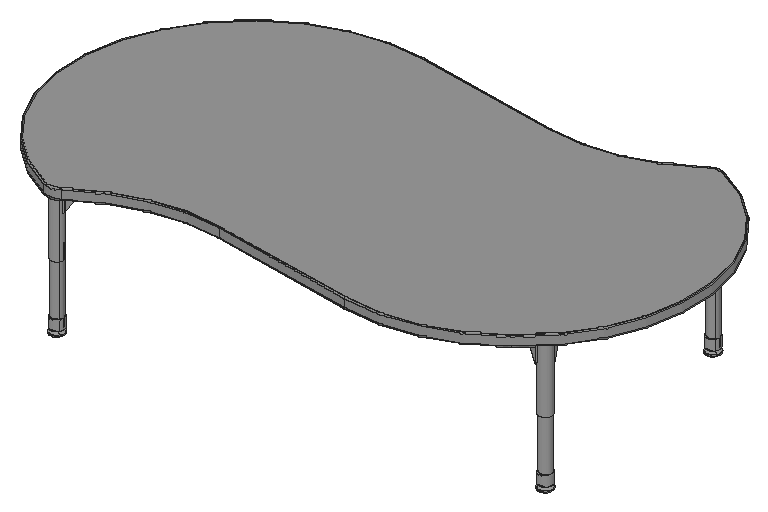
Revit family "Hierarchy Twister Large Table - Youth Height", category Furniture, Revit 2018
Family settings
  Work Plane-Based = No
  Always vertical = Yes
  Cut with Voids When Loaded = No
  Shared = No
  Room Calculation Point = No
Parameters
  Table Height = 1' - 4"
  Surface = Hierarchy Twister Large Table Youth Surface
  Leg Finish = Hierarchy Leg Platinum
  Edgeband = Hierarchy Twister Large Table Youth Edgeband
  Caster/Glide = Hierarchy Youth Leg - Glide : Hierarchy Youth Leg - Glide
Reference planes
  plane 1 "Center (Front/Back)": y = 0
  plane 2: z = 0
  plane 3 "Center (Left/Right)": x = 0
  plane 4: z = 406.4
Dimensions and locks
  "Table Height": plane 4 to level
  aligned and locked: plane 2 to level
  aligned and locked: nested 1 to plane 4
Nested families
  nested 1: "Twister Large Tabletop" at (0, 0, -274.065), type "Twister Large Tabletop"
  nested 2: "Hierarchy Youth Leg - Glide" at (-718.431, 334.621, 0) x (0.6947, 0.7193, 0) z (0, 0, 1), type <- "Caster/Glide", Leg Finish <- "Leg Finish", Leg Height <- "Table Height", type "Hierarchy Youth Leg - Glide"
    with Leg Height 1' - 4", Leg Finish Hierarchy Leg Platinum
  nested 3: "Hierarchy Youth Leg - Glide" at (-620.152, -411.885, 0) x (-0.8572, 0.515, 0) z (0, 0, 1), type <- "Caster/Glide", Leg Finish <- "Leg Finish", Leg Height <- "Table Height", type "Hierarchy Youth Leg - Glide"
    with Leg Height 1' - 4", Leg Finish Hierarchy Leg Platinum
  nested 4: "Hierarchy Youth Leg - Glide" at (725.261, -279.284, 0) x (-0.6947, -0.7193, 0) z (0, 0, 1), Leg Finish <- "Leg Finish", Leg Height <- "Table Height", type "Hierarchy Youth Leg - Glide"
    with Leg Height 1' - 4", Leg Finish Hierarchy Leg Platinum
  nested 5: "Hierarchy Youth Leg - Glide" at (626.981, 467.221, 0) x (0.8572, -0.515, 0) z (0, 0, 1), Leg Finish <- "Leg Finish", Leg Height <- "Table Height", type "Hierarchy Youth Leg - Glide"
    with Leg Height 1' - 4", Leg Finish Hierarchy Leg Platinum
Definition of nested family "Twister Large Tabletop"
  Parameters (values of type "Twister Large Tabletop")
    Surface = none
    Edgeband = none
  Reference planes
    plane 1 "Center (Front/Back)": y = 0
    plane 2: z = 0
    plane 3 "Center (Left/Right)": x = 0
  Forms (mm)
    Extrusion 1, solid, material <- "Surface"
      sketch origin (-60.904, 154.554, 0) x (1, 0, 0) y (0, 1, 0)
        loop
          arc (-221.155, 369.212) -> (-820.862, 4.722) -> (-537.028, -637.104) r 531.834
          arc (-537.028, -637.104) -> (-513.399, -641.277) -> (-490.806, -633.197) r 46.823
          arc (-490.806, -633.197) -> (-300.102, -550.702) -> (-92.359, -546.601) r 538.158
          line (-92.359, -546.601) -> (345.759, -623.853)
          arc (345.759, -623.853) -> (945.466, -259.363) -> (661.632, 382.463) r 531.834
          arc (661.632, 382.463) -> (638.004, 386.636) -> (615.411, 378.556) r 46.823
          arc (615.411, 378.556) -> (424.706, 296.061) -> (216.963, 291.96) r 538.158
          line (216.963, 291.96) -> (-221.155, 369.212)
      from 680.465 to 712.215
    Sweep 2, solid, material <- "Edgeband"
      path origin (-60.904, 154.554, 0) x (1, 0, 0) y (0, 1, 0)
        loop
          arc (345.759, -623.853) -> (945.466, -259.363) -> (661.632, 382.463) r 531.834
          arc (661.632, 382.463) -> (638.004, 386.636) -> (615.411, 378.556) r 46.823
          arc (615.411, 378.556) -> (424.706, 296.061) -> (216.963, 291.96) r 538.158
          line (216.963, 291.96) -> (-221.155, 369.212)
          arc (-221.155, 369.212) -> (-820.862, 4.722) -> (-537.028, -637.104) r 531.834
          arc (-537.028, -637.104) -> (-513.399, -641.277) -> (-490.806, -633.197) r 46.823
          arc (-490.806, -633.197) -> (-300.102, -550.702) -> (-92.359, -546.601) r 538.158
          line (-92.359, -546.601) -> (345.759, -623.853)
      profile origin (884.562, -104.809, 0) x (-0.954101, 0.299484, 0) y (0, 0, 1)
        loop
          arc (0, 712.215) -> (-2.385, 711.227) -> (-3.373, 708.842) r 3.373
          line (-3.373, 708.842) -> (-3.373, 683.839)
          arc (-3.373, 683.839) -> (-2.385, 681.453) -> (0, 680.465) r 3.373
          line (0, 680.465) -> (0, 712.215)
  Dimensions and locks
    aligned and locked: plane 2 to level
Definition of nested family "Hierarchy Youth Leg - Glide"
  Parameters (values of type "Hierarchy Youth Leg - Glide")
    Leg Finish [instance] = none
    Leg Height [instance] = 1' - 4.80117"
  Reference planes
    plane 1 "Center (Front/Back)": y = 0
    plane 2: z = 0
    plane 3 "Center (Left/Right)": x = 0
  Forms (mm)
    Extrusion 1, solid
      sketch origin (-0.397, 0, 0) x (1, 0, 0) y (0, 1, 0)
        loop
          circle (0.397, 0) r 17.022
      from 17.175 to 267.975
    Revolve 2, solid
      sketch origin (0, 0, 0) x (1, 0, 0) y (0, 0, 1)
        loop
          line (-18.59, 45.75) -> (-20.178, 44.162) -> (-20.178, 15.591) -> (-18.587, 14) -> (-3.175, 14) -> (-3.175, 10.825) -> (-21.503, 4.125) -> (-21.503, 2.284) -> (-20.665, 0) -> (0, 0) -> (0, 45.75) -> (-18.59, 45.75)
        axis (0, 45.75) -> (0, 0)
      angle from 0 to 360
  Dimensions and locks
    "Leg Height": nested 1 to level  (x2)
    aligned and locked: plane 2 to level
  Automatic sketch dimensions
    plane 1 "Center (Front/Back)" to Extrusion 1 sketch curve = 0' - 0"
    Extrusion 1 sketch curve to plane 3 "Center (Left/Right)" = 0' - 0"
    Revolve 2 sketch curve to level = 0' - 0"
    Revolve 2 sketch curve to plane 3 "Center (Left/Right)" = 0' - 0"  (x2)
    Revolve 2 sketch curve to plane 3 "Center (Left/Right)" = 0' - 0 1/8"
    Revolve 2 sketch curve to Revolve 2 sketch curve = 0' - 0.60676"
    Revolve 2 sketch curve to Revolve 2 sketch curve = 0' - 0.73189"
    Revolve 2 sketch curve to Revolve 2 sketch curve = 0' - 0.06263"  (x2)
    Revolve 2 sketch curve to Revolve 2 sketch curve = 0' - 0.08183"
    Revolve 2 sketch curve to Revolve 2 sketch curve = 0' - 0.03297"
    level to Revolve 2 sketch curve = 0' - 0.08994"
    Revolve 2 sketch curve to Revolve 2 sketch curve = 0' - 0.07247"
    level to Revolve 2 sketch curve = 0' - 0.42618"
    Revolve 2 sketch curve to Revolve 2 sketch curve = 0' - 0 1/8"
    Revolve 2 sketch curve to Revolve 2 sketch curve = 0' - 1.12486"
    Revolve 2 sketch curve to Revolve 2 sketch curve = 0' - 0 1/16"
    Revolve 2 sketch curve to level = 2' - 0"
    Revolve 2 sketch curve to Revolve 2 sketch curve = 8' - 4.91764"
    radius of Extrusion 1 sketch curve = 0' - 0.67016"
  Nested families
    nested 1: "Hierarchy Youth Upper Leg 2023" at (0, 0, 0), Leg Finish <- "Leg Finish", type "Hierarchy Youth Upper Leg 2023"
      with Leg Finish none
  Definition of nested family "Hierarchy Youth Upper Leg 2023"
    Parameters (values of type "Hierarchy Youth Upper Leg 2023")
      Leg Finish [instance] = none
    Reference planes
      plane 1 "Center (Front/Back)": y = 0
      plane 2: z = 0
      plane 3 "Center (Left/Right)": x = 0
    Forms (mm)
      Extrusion 1, solid, material <- "Leg Finish"
        sketch origin (0, 0, -279.425) x (1, 0, 0) y (0, 1, 0)
          loop
            circle (0, 0) r 19.05
        from 499.775 to 702.975
      Extrusion 2, solid, material <- "Leg Finish"
        sketch origin (0, 0, -279.425) x (1, 0, 0) y (0, 1, 0)
          loop
            line (-43.224, 4.873) -> (-73.311, -57.433)
            arc (-73.311, -57.433) -> (-72.134, -78.695) -> (-53.5, -89) r 22
            line (-53.5, -89) -> (53.5, -89)
            arc (53.5, -89) -> (72.134, -78.695) -> (73.311, -57.433) r 22
            line (73.311, -57.433) -> (43.224, 4.873)
            arc (43.224, 4.873) -> (0, 32) -> (-43.224, 4.873) r 48
        from 702.975 to 706.175
      Extrusion 3, solid, material <- "Leg Finish"
        sketch origin (-37.724, 220.097, -279.425) x (-0.434844, 0.900506, 0) y (0, 0, 1)
          loop
            line (-228.962, 702.975) -> (-299.962, 702.975)
            arc (-299.962, 702.975) -> (-302.851, 700.784) -> (-301.52, 697.412) r 3
            arc (-301.52, 697.412) -> (-263.998, 667.938) -> (-234.525, 630.417) r 200
            arc (-234.525, 630.417) -> (-231.153, 629.086) -> (-228.962, 631.975) r 3
            line (-228.962, 631.975) -> (-228.962, 702.975)
        from -49.295 to -46.095
      Extrusion 4, solid, material <- "Leg Finish"
        sketch origin (37.724, 220.097, -279.425) x (0.434844, 0.900506, 0) y (0, 0, -1)
          loop
            line (-228.962, -702.975) -> (-228.962, -631.975)
            arc (-228.962, -631.975) -> (-231.153, -629.086) -> (-234.525, -630.417) r 3
            arc (-234.525, -630.417) -> (-263.998, -667.938) -> (-301.52, -697.412) r 200
            arc (-301.52, -697.412) -> (-302.851, -700.784) -> (-299.962, -702.975) r 3
            line (-299.962, -702.975) -> (-228.962, -702.975)
        from -49.295 to -46.095
    Dimensions and locks
      aligned and locked: plane 2 to level
